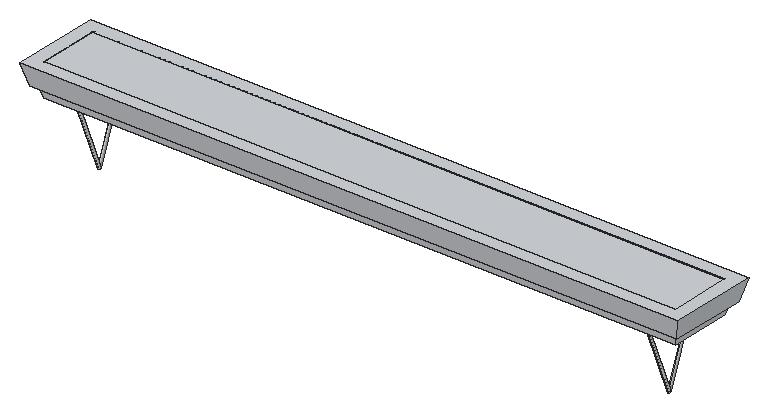
Revit family "EURS_63_LF_FB_FlexBlend SP342C_L1500_PHI", category Lighting Fixtures, host Face, Revit 2016
Family settings
  Host = Face
  Part Type = Normal
  Round Connector Dimension = Use Diameter
  Cut with Voids When Loaded = No
  Light Source = No
  Shared = Yes
  Room Calculation Point = No
Parameters
  Width = 200 mm
  Voltage (V) = 230 V
  Visibility 2D symbol [instance] = no
  Visibility 2D outline rectangle [instance] = not(Visibility 2D symbol)  # yes
  URL = "http://www.lighting.philips.com/main/home"
  Type Comments = "Pendant"
  Suspension height [instance] = 150 mm
  Rim height = 5 mm
  Product catalog - URL = "MODEL WEBPAGE"
  Order code = "ORDER CODE"
  Model = "SP342C L1500"
  Manufacturer = "Philips"
  Light source = 2 mm
  Light loss factor = ""
  Length 01 = 1000 mm
  Length = 1500 mm
  Last IES update = "DATE"
  Lamp = "LAMP TYPE"
  Initial luminous flux (lm) = ""
  Init. Corr. Color Temperature (K) = ""
  Height = 73 mm
  Fixture code = "FIXTURE CODE"
  ETIM code URL = "https://prod.etim-international.com/Class/Details?classId=EC001743&classVersion=7"
  ETIM code = "EC001743"
  EOC = "EOC CODE"
  Description = "FlexBlend"
  Default Elevation = 0 mm
  Content version = "1.0"
  Content modified date = "23-03-2020"
  Content creation date = "23-03-2020"
  Content Creator = "https://www.cadac.com/bimcontent"
  BIM Library - URL = "http://www.lighting.philips.com/main/support/support/revit-library#page=1"
  Armatuurcode [instance] = ""
  Apparent Load = 0 VA
  12NC = "12NC CODE"
Reference planes
  plane 1 "Center (Front/Back)": y = 0
  plane 2: z = 0
  plane 3 "Center (Left/Right)": x = 0
  plane 4: x = -750
  plane 5: y = -100
  plane 6: y = 100
  plane 7: x = 750
  plane 8: z = 150
  plane 9: z = 223
  plane 10: z = 222
  plane 11: x = -650
  plane 12: x = 650
Forms (mm)
  Extrusion 1, solid
    sketch origin (0, 382.061, 150) x (0, 1, 0) y (-1, 0, 0)
      loop
        line (-482.061, 750) -> (-482.061, -750) -> (-282.061, -750) -> (-282.061, 750) -> (-482.061, 750)
    from 73 to 0
  Extrusion 2, void
    sketch origin (0, 0, 150) x (0, 1, 0) y (0, 0, 1)
      loop
        line (100, 73) -> (87.406, 26) -> (77.406, 26) -> (70.44, 0) -> (100, 0) -> (100, 73)
    from -750 to 750
  Extrusion 3, void
    sketch origin (0, 0, 150) x (0, -1, 0) y (0, 0, -1)
      loop
        line (100, -73) -> (100, 0) -> (70.44, 0) -> (77.406, -26) -> (87.406, -26) -> (100, -73)
    from -750 to 750
  Extrusion 4, void
    sketch origin (-500, 500, 150) x (-1, 0, 0) y (0, 0, 1)
      loop
        line (250, 73) -> (237.406, 26) -> (227.406, 26) -> (220.44, 0) -> (250, 0) -> (250, 73)
    from -600 to -400
  Extrusion 5, void
    sketch origin (500, 500, 150) x (1, 0, 0) y (0, 0, -1)
      loop
        line (250, -73) -> (250, 0) -> (220.44, 0) -> (227.406, -26) -> (237.406, -26) -> (250, -73)
    from -600 to -400
  Extrusion 6, void
    sketch origin (0, 0, 0) x (1, 0, 0) y (0, 1, 0)
      loop
        line (-720, 70.44) -> (-720, -70.44) -> (720, -70.44) -> (720, 70.44) -> (-720, 70.44)
    from 222 to 223
  Sweep 7, solid
    path origin (-650, -4572, 746.156) x (0, 0, 1) y (0, -1, 0)
      loop
        line (-746.156, -4572) -> (-596.156, -4632)
    profile origin (-650, 30, 75) x (0, -0.928477, 0.371391) y (1, 0, 0)
      loop
        circle (0, 0) r 3
  Sweep 8, solid
    path origin (-650, -4572, 746.156) x (0, 0, 1) y (0, -1, 0)
      loop
        line (-746.156, -4572) -> (-596.156, -4512)
    profile origin (-650, -30, 75) x (0, -0.928477, -0.371391) y (1, 0, 0)
      loop
        circle (0, 0) r 3
  Sweep 9, solid
    path origin (650, -4572, 746.156) x (0, 0, 1) y (0, -1, 0)
      loop
        line (-746.156, -4572) -> (-596.156, -4512)
    profile origin (650, -30, 75) x (0, -0.928477, -0.371391) y (1, 0, 0)
      loop
        circle (0, 0) r 3
  Sweep 10, solid
    path origin (650, -4572, 746.156) x (0, 0, 1) y (0, -1, 0)
      loop
        line (-746.156, -4572) -> (-596.156, -4632)
    profile origin (650, 30, 75) x (0, -0.928477, 0.371391) y (1, 0, 0)
      loop
        circle (0, 0) r 3
Cuts and joins
  Extrusion 2, Extrusion 3, Extrusion 4, Extrusion 5, Extrusion 6 cuts Extrusion 1
Dimensions and locks
  equal spacing: host sketch curve, plane 1 "Center (Front/Back)", host sketch curve
  equal spacing: host sketch curve, plane 3 "Center (Left/Right)", host sketch curve
  "Length": plane 4 to plane 7
  equal spacing: plane 4, plane 3 "Center (Left/Right)", plane 7
  equal spacing: plane 5, plane 1 "Center (Front/Back)", plane 6
  "Width": plane 5 to plane 6
  "Suspension height": plane 8 to host face
  "Height": plane 9 to plane 8
  plane 7 to plane 4 = 1500 mm
  equal spacing: plane 7, plane 3 "Center (Left/Right)", plane 4
  locked: Extrusion 6 sketch curve to plane 7 at 30
  locked: plane 4 to Extrusion 6 sketch curve at 30
  locked: plane 9 to plane 10 at 1
  plane 6 to Sweep 7 sketch curve = 40 mm
  Sweep 8 sketch curve to plane 5 = 40 mm
  locked: plane 11 to plane 4 at 100
  locked: plane 7 to plane 12 at 100
  aligned and locked: plane 2 to host face
  aligned and locked: level to host face
  aligned and locked: plane 7 to nested 1
  aligned and locked: plane 6 to nested 1
  aligned and locked: nested 1 to plane 5
  aligned and locked: nested 1 to plane 4
  aligned and locked: Extrusion 1 to plane 7
  aligned and locked: Extrusion 1 to plane 4
  aligned and locked: Extrusion 5 to plane 7
  aligned and locked: Extrusion 4 to plane 4
  aligned and locked: plane 9 to Extrusion 1
  aligned and locked: Extrusion 1 to plane 8
  aligned and locked: Extrusion 1 to Extrusion 4
  aligned and locked: Extrusion 3 to plane 4
  aligned and locked: Extrusion 3 to plane 7
  aligned and locked: Extrusion 2 to plane 4
  aligned and locked: Extrusion 2 to plane 7
  aligned and locked: Extrusion 1 to Extrusion 6
  aligned and locked: cut or joined group of Extrusion 1, Extrusion 2, Extrusion 3, Extrusion 4, Extrusion 5, Extrusion 6 to plane 10
  aligned and locked: plane 8 to Sweep 7 sketch curve
  aligned and locked: plane 8 to Sweep 8 sketch curve
Automatic sketch dimensions
  Extrusion 1 sketch curve to plane 5 = 0 mm
  Extrusion 1 sketch curve to plane 4 = 0 mm
  plane 6 to Extrusion 1 sketch curve = 0 mm
  Extrusion 1 sketch curve to plane 7 = 0 mm
  Extrusion 2 sketch curve to plane 8 = 0 mm
  Extrusion 2 sketch curve to plane 6 = 0 mm
  Extrusion 2 sketch curve to plane 9 = 0 mm
  plane 6 to Extrusion 2 sketch curve = 12.594 mm
  Extrusion 2 sketch curve to Extrusion 2 sketch curve = 10 mm
  Extrusion 2 sketch curve to Extrusion 2 sketch curve = 6.967 mm
  plane 8 to Extrusion 2 sketch curve = 26 mm
  Extrusion 3 sketch curve to plane 8 = 0 mm
  Extrusion 3 sketch curve to plane 5 = 0 mm
  Extrusion 3 sketch curve to plane 9 = 0 mm
  Extrusion 3 sketch curve to plane 5 = 12.594 mm
  Extrusion 3 sketch curve to Extrusion 3 sketch curve = 10 mm
  Extrusion 3 sketch curve to Extrusion 3 sketch curve = 6.967 mm
  Extrusion 3 sketch curve to plane 8 = 26 mm
  Extrusion 4 sketch curve to plane 8 = 0 mm
  Extrusion 4 sketch curve to plane 4 = 0 mm
  Extrusion 4 sketch curve to plane 9 = 0 mm
  plane 4 to Extrusion 4 sketch curve = 12.594 mm
  Extrusion 4 sketch curve to Extrusion 4 sketch curve = 10 mm
  Extrusion 4 sketch curve to Extrusion 4 sketch curve = 6.967 mm
  plane 8 to Extrusion 4 sketch curve = 26 mm
  Extrusion 5 sketch curve to plane 8 = 0 mm
  plane 7 to Extrusion 5 sketch curve = 0 mm
  Extrusion 5 sketch curve to plane 9 = 0 mm
  plane 7 to Extrusion 5 sketch curve = 12.594 mm
  Extrusion 5 sketch curve to Extrusion 5 sketch curve = 10 mm
  Extrusion 5 sketch curve to Extrusion 5 sketch curve = 6.967 mm
  plane 8 to Extrusion 5 sketch curve = 26 mm
  plane 5 to Extrusion 6 sketch curve = 29.56 mm
  plane 6 to Extrusion 6 sketch curve = 29.56 mm
  Sweep 7 sketch curve to level = 0 mm
  Sweep 7 sketch curve to plane 1 "Center (Front/Back)" = 0 mm
  Sweep 7 sketch curve to profile plane = 0 mm  (x2)
  Sweep 8 sketch curve to level = 0 mm
  Sweep 8 sketch curve to plane 1 "Center (Front/Back)" = 0 mm
  Sweep 8 sketch curve to profile plane = 0 mm  (x2)
  profile plane to Sweep 9 sketch curve = 0 mm
  Sweep 9 sketch curve to profile plane = 0 mm
  profile plane to Sweep 10 sketch curve = 0 mm
  Sweep 10 sketch curve to profile plane = 0 mm
  Sweep 9 sketch curve to level = 0 mm
  Sweep 9 sketch curve to plane 8 = 0 mm
  Sweep 9 sketch curve to plane 1 "Center (Front/Back)" = 0 mm
  plane 5 to Sweep 9 sketch curve = 40 mm
  Sweep 10 sketch curve to level = 0 mm
  Sweep 10 sketch curve to plane 8 = 0 mm
  Sweep 10 sketch curve to plane 1 "Center (Front/Back)" = 0 mm
  plane 6 to Sweep 10 sketch curve = 40 mm
  radius of Sweep 7 sketch curve = 3 mm
  radius of Sweep 8 sketch curve = 3 mm
  radius of Sweep 9 sketch curve = 3 mm
  radius of Sweep 10 sketch curve = 3 mm
Nested families
  nested 1: "2D-PL-Rechthoekig" at (0, 0, 0), Width <- "Width", lengte <- "Length", visible <- "Visibility 2D outline rectangle", type "2D symbool"
    with lengte 1500 mm, Width 200 mm
  nested 2: "PL-TL armatuur plafond rechthoekig" at (0, 0, 0), lengte <- "Length", l1 <- "Length", visible <- "Visibility 2D symbol", type "armatuur tl"
    with lengte 1500 mm, l1 1500 mm
Connectors
  electrical at (0, 0, 0), driven by "Apparent Load", driven by "Voltage (V)"
    settings: on host face, index 1, voltage 230 V, apparent load 0 VA, apparent load phase1 0 VA, apparent load phase2 0 VA, apparent load phase3 0 VA, power factor 1, load classification "Other", number of poles 1, system type 31, power factor state 1, is connector primary yes, connector utility no, sub classification motor no, connector description ""
Definition of nested family "2D-PL-Rechthoekig"
  Parameters (values of type "2D symbool")
    lengte [instance] = 1200 mm
    Width [instance] = 100 mm
    Type Comments = "GEEN CALCULATIEOBJECT"
    Manufacturer = ""
    Description = "Armatuur 2D symbool"
    Copyright © Cadac = "www.cadac.com/aec"
    Cadac content versie = ""
    Assembly Code = ""
  Reference planes
    plane 1 "Center (Front/Back)": y = 0
    plane 2: z = 0
    plane 3 "Center (Left/Right)": x = 0
    plane 4: y = 150
    plane 5: y = -150
    plane 6: y = 176.777
    plane 7: x = -176.777
    plane 8: x = 176.777
    plane 9: y = -176.777
    plane 10 "Cadac Group AEC": y = 0
    plane 11: y = 400
    plane 12: y = -191.421
    plane 13: y = -206.066
    plane 14: y = -220.711
    plane 15: y = -235.355
  Lines and regions (mm)
    symbolic lines
      curve 1: line (600, 50, 0) -> (600, -50, 0)
      curve 2: line (-600, 50, 0) -> (-600, -50, 0)
      curve 3: line (-600, 50, 0) -> (600, 50, 0)
      curve 4: line (-600, -50, 0) -> (600, -50, 0)
  Dimensions and locks
    equal spacing: curve 2, plane 3 "Center (Left/Right)", curve 1
    "lengte": curve 2 to curve 1
    equal spacing: plane 5, plane 1 "Center (Front/Back)", plane 4
    locked: plane 4 to plane 5 at 300
    equal spacing: curve 4, plane 1 "Center (Front/Back)", curve 3
    "Width": curve 4 to curve 3
    locked: plane 7 to plane 8 at 353.553
    locked: plane 6 to plane 9 at 353.553
    equal spacing: plane 7, plane 3 "Center (Left/Right)", plane 8
    equal spacing: plane 6, plane 1 "Center (Front/Back)", plane 9
    locked: plane 1 "Center (Front/Back)" to plane 11 at 400
    equal spacing: plane 9, plane 12, plane 13, plane 14, plane 15
    locked: plane 9 to plane 15 at 58.579
    aligned and locked: plane 10 "Cadac Group AEC" to plane 1 "Center (Front/Back)"
Definition of nested family "PL-TL armatuur plafond rechthoekig"
  Parameters (values of type "armatuur tl_generiek")
    radius cirkel = 75 mm
    lengte [instance] = 1200 mm
    l1 [instance] = 1200 mm
    b2 = b1 * 2  # 100 mm
    b1 = 50 mm
    Type Comments = "GEEN CALCULATIEOBJECT"  # constant formula
    Manufacturer = ""
    Length lines in cirkel = (radius cirkel * 2) - 70 mm  # 80 mm
    Description = "Armatuur TL"
    Copyright © Cadac = "www.cadac.com/aec"
    Cadac content versie = "3.2"  # constant formula
    Assembly Code = ""
  Types (2, lengths in mm): name | radius cirkel | b2 | b1 | Length lines in cirkel
    armatuur tl_generiek | 75 | 100 | 50 | 80
    armatuur tl | 125 | 200 | 100 | 180
  Reference planes
    plane 1 "Center (Front/Back)": y = 0
    plane 2: z = 0
    plane 3 "Center (Left/Right)": x = 0
    plane 4: y = 50
    plane 5: y = -50
    plane 6: y = 176.777
    plane 7: x = -40
    plane 8: x = 40
    plane 9: y = -176.777
    plane 10 "Cadac Group AEC": y = 0
    plane 11: y = 400
    plane 12: y = -191.421
    plane 13: y = -206.066
    plane 14: y = -220.711
    plane 15: y = -235.355
  Lines and regions (mm)
    symbolic lines
      curve 1: circle (0, 0, 0) r 75 normal (0, 0, 1)
      curve 2: line (600, 50, 0) -> (600, -50, 0)
      curve 3: line (600, -8.333, 0) -> (74.536, -8.333, 0)
      curve 4: line (600, 8.333, 0) -> (74.536, 8.333, 0)
      curve 5: line (600, 25, 0) -> (70.711, 25, 0)
      curve 6: line (600, -25, 0) -> (70.711, -25, 0)
      curve 7: line (-600, 50, 0) -> (-600, -50, 0)
      curve 8: line (-600, -8.333, 0) -> (-74.536, -8.333, 0)
      curve 9: line (-600, 8.333, 0) -> (-74.536, 8.333, 0)
      curve 10: line (-600, 25, 0) -> (-70.711, 25, 0)
      curve 11: line (-600, -25, 0) -> (-70.711, -25, 0)
      curve 12: line (-40, 63.443, 0) -> (40, -63.443, 0)
      curve 13: line (-40, -63.443, 0) -> (40, 63.443, 0)
  Dimensions and locks
    equal spacing: curve 7, plane 3 "Center (Left/Right)", curve 2
    "l1": curve 7 to curve 2
    equal spacing: plane 5, plane 1 "Center (Front/Back)", plane 4
    equal spacing: curve 5, curve 4, curve 3, curve 6
    equal spacing: curve 5, plane 1 "Center (Front/Back)", curve 6
    "b1": curve 5 to curve 6
    equal spacing: curve 11, curve 8, curve 9, curve 10
    equal spacing: curve 11, plane 1 "Center (Front/Back)", curve 10
    "b1": curve 11 to curve 10
    "Length lines in cirkel": plane 7 to plane 8
    locked: plane 6 to plane 9 at 353.553
    equal spacing: plane 7, plane 3 "Center (Left/Right)", plane 8
    equal spacing: plane 6, plane 1 "Center (Front/Back)", plane 9
    locked: plane 1 "Center (Front/Back)" to plane 11 at 400
    equal spacing: plane 9, plane 12, plane 13, plane 14, plane 15
    locked: plane 9 to plane 15 at 58.579
    "b2": plane 5 to plane 4
    "radius cirkel": radius of curve 1
    aligned and locked: plane 4 to curve 7
    aligned and locked: plane 4 to curve 2
    aligned and locked: plane 5 to curve 2
    aligned and locked: plane 5 to curve 7
    aligned and locked: plane 10 "Cadac Group AEC" to plane 1 "Center (Front/Back)"
    aligned and locked: plane 7 to curve 12
    aligned and locked: plane 7 to curve 13
    aligned and locked: plane 8 to curve 13
    aligned and locked: plane 8 to curve 12
  Automatic sketch dimensions
    plane 1 "Center (Front/Back)" to curve 1 = 0 mm
    curve 1 to plane 3 "Center (Left/Right)" = 0 mm
